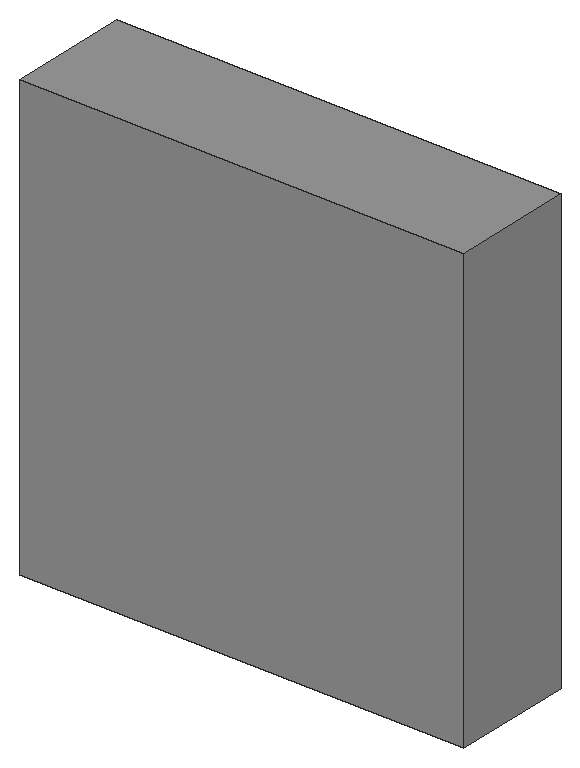
Revit family "KG_Uhr_V1700", category Kommunikationsgeräte, Revit 2017
Family settings
  Beschriftungsausrichtung beibehalten = Nein
  Bemaßung runder Anschluss = Durchmesser verwenden
  Teiletyp = Normal
  OmniClass-Nummer = 23.85.10.00
  OmniClass-Titel = General Information Systems
  Arbeitsebenenbasiert = Nein
  Immer vertikal = Ja
  Beim Laden mit Abzugskörper schneiden = Ja
  Gemeinsam genutzt = Nein
  Raumberechnungspunkt = Nein
Parameters (values of type "Zeiterfassung")
  pbr_Material_KZ = ""
  pbr_Material = none
  pbr_E_Typ = ""
  pbr_E_KZ = ""
  pbr_DINBild = 0
  pbr_Bild = 0
  pbr_3Dx_Delta_Korrekturversatz [instance] = 0 mm
  pbr_3DX_Versatzfaktor [instance] = 0
  pbr_2DY_Versatzfaktor [instance] = 0
  pbr_2DX_Versatzfaktor [instance] = 0
  lfd_STRK [instance] = 0
  cpiFitMatchKey [instance] = "E-ZK VS A"
  Zentrale [instance] = ""
  Zeiterfassung = yes
  Uhr-Zeiterfassungs-Zentrale = no
  Uhr 2-seitig = no
  Uhr = no
  Typ [instance] = ""
  Tiefe = 37 mm
  Text3 [instance] = ""
  Text2 [instance] = ""
  Text1 [instance] = ""
  Planungsbüro Rohling = "www.pbr.de"
  Netzart = ""
  Menge(Dosenzahl) [instance] = 0
  Länge = 135 mm
  Linie/Anschluss [instance] = ""
  Linie [instance] = ""
  Lastklassifizierung = none
  Installationsart [instance] = ""
  Info [instance] = ""
  Hauptuhr = no
  Gewerk [instance] = "Uhr"
  Eckversatz [instance] = 0 mm
  YFrontversatz [instance] = if(pbr_2DY_Versatzfaktor = 300, 0 mm, pbr_2DY_Versatzfaktor * 300 mm)  # 0 mm
  XSeitenversatz [instance] = if(pbr_2DX_Versatzfaktor = 0, 3000 mm, 3000 mm + (pbr_2DX_Versatzfaktor * 300 mm)) + Eckversatz  # 3000 mm
  X3Dversatz [instance] = if([3DX_Versatzkontrolle] = 0, 2000 mm, 2000 mm + ([3DX_Versatzkontrolle] * (300 mm - Breite))) + pbr_3Dx_Delta_Korrekturversatz  # 2000 mm
  Niveau [instance] = 1200 mm
  DCF Zeit-Empfang = no
  Bus [instance] = ""
  Breite = 135 mm
  Betriebsstrom ruhe [instance] = 0
  Betriebsstrom max [instance] = 0
  3DX_Versatzkontrolle [instance] = if(pbr_3DX_Versatzfaktor = 0, (pbr_2DX_Versatzfaktor * -1), (((-1 * pbr_3DX_Versatzfaktor) + pbr_2DX_Versatzfaktor) * -1))  # 0
  3DX_Versatz [instance] = 0 mm
Types (6, lengths in mm): name | Zeiterfassung | Uhr-Zeiterfassungs-Zentrale | Uhr 2-seitig | Uhr | Hauptuhr | DCF Zeit-Empfang
  DCF_ZeitEmpfang | no | no | no | no | no | yes
  Hauptuhr | no | no | no | no | yes | no
  Uhr | no | no | no | yes | no | no
  Uhr_2seitig | no | no | yes | no | no | no
  Uhr_Zentrale | no | yes | no | no | no | no
  Zeiterfassung | yes | no | no | no | no | no
Reference planes
  plane 1 "Mitte (Vorne/Hinten)": y = 0
  plane 2: z = 0
  plane 3 "Mitte (Links/Rechts)": x = 22.5
  plane 4: x = -127.5
  plane 5: x = 172.5
  plane 6: y = 300
  plane 7 "Schalterhinten": y = 0
  plane 8: x = -2977.5
  plane 9: x = 22.5
  plane 10: x = -1977.5
  plane 11: x = -45
  plane 12: x = 90
  plane 13: z = 1267.5
  plane 14: z = 1132.5
  plane 15 "SchalterVorne": y = 37
  plane 16 "3DMitte": x = 22.5
  plane 17 "Achse": z = 1200
  plane 18: z = 1225
  plane 19: z = 1175
  plane 20 "2DMitte": y = 150
Forms (mm)
  Extrusion 1, solid, material "Stahl, weich, geschweißt"
    sketch origin (0, 20, 0) x (0, 0, 1) y (-1, 0, 0)
      loop
        line (1132.5, 45) -> (1132.5, -90) -> (1267.5, -90) -> (1267.5, 45) -> (1132.5, 45)
    from -17 to 20
Dimensions and locks
  locked: plane 6 to plane 7 "Schalterhinten" at 300
  "XSeitenversatz": plane 8 to plane 9
  plane 8 to plane 3 "Mitte (Links/Rechts)" = 3000 mm
  "YFrontversatz": plane 1 "Mitte (Vorne/Hinten)" to plane 7 "Schalterhinten"
  "Breite": plane 12 to plane 11
  "Länge": plane 13 to plane 14
  plane 9 to plane 10 = 2000 mm
  equal spacing: plane 12, plane 16 "3DMitte", plane 11
  "X3Dversatz": plane 16 "3DMitte" to plane 10
  equal spacing: plane 13, plane 17 "Achse", plane 14
  "Niveau": plane 17 "Achse" to level
  "Tiefe": plane 15 "SchalterVorne" to plane 1 "Mitte (Vorne/Hinten)"
  plane 13 to plane 18 = 42.5 mm
  plane 19 to plane 14 = 42.5 mm
  equal spacing: plane 4, plane 9, plane 5, locked at 150 each
  locked: plane 4 to plane 5 at 300
  equal spacing: plane 6, plane 20 "2DMitte", plane 7 "Schalterhinten", locked at 150 each
  aligned and locked: level to plane 2
  aligned and locked: Extrusion 1 sketch curve to plane 14
  aligned and locked: Extrusion 1 sketch curve to plane 11
  aligned and locked: Extrusion 1 sketch curve to plane 13
  aligned and locked: plane 12 to Extrusion 1 sketch curve
  aligned and locked: plane 1 "Mitte (Vorne/Hinten)" to Extrusion 1
  aligned and locked: Extrusion 1 to plane 15 "SchalterVorne"
  aligned and locked: nested 1 to plane 9
  aligned and locked: nested 1 to plane 7 "Schalterhinten"
  aligned and locked: nested 2 to plane 9
  aligned and locked: nested 2 to plane 7 "Schalterhinten"
  aligned and locked: nested 3 to plane 9
  aligned and locked: nested 3 to plane 7 "Schalterhinten"
  aligned and locked: nested 6 to plane 9
  aligned and locked: nested 6 to plane 7 "Schalterhinten"
  aligned and locked: nested 5 to plane 9
  aligned and locked: nested 5 to plane 7 "Schalterhinten"
  aligned and locked: nested 4 to plane 9
  aligned and locked: nested 4 to plane 7 "Schalterhinten"
Nested families
  nested 1: "Zeiterfassung" at (22.5, 0, 0), visible <- "Zeiterfassung", type "Zeiterfassung"
  nested 2: "Uhr-Zeiterfassungs-Zentrale" at (22.5, 0, 0), visible <- "Uhr-Zeiterfassungs-Zentrale", type "Uhr-Zeiterfassungs-Zentrale"
    with Winkel 90.00°
  nested 3: "Uhr 2-seitig" at (22.5, 0, 0), visible <- "Uhr 2-seitig", type "Uhr 2-seitig"
  nested 4: "Uhr" at (22.5, 0, 0), visible <- "Uhr", type "Uhr"
  nested 5: "Hauptuhr" at (22.5, 0, 0), visible <- "Hauptuhr", type "Hauptuhr"
  nested 6: "DCF Zeit-Empfang" at (22.5, 0, 0), visible <- "DCF Zeit-Empfang", type "DCF Zeit-Empfang"
Connectors
  electrical at (22.5, 0, 1200)
    settings: on Extrusion 1, index 1, voltage 0 V, apparent load 0 VA, apparent load phase1 0 VA, apparent load phase2 0 VA, apparent load phase3 0 VA, power factor 1, load classification "Sonstige", number of poles 1, system type 14, power factor state 1, is connector primary yes, connector utility no, sub classification motor no, connector description ""
Definition of nested family "Zeiterfassung"
  Reference planes
    plane 1 "Mitte (Vorne/Hinten)": y = 0
    plane 2: z = 0
    plane 3 "Mitte (Links/Rechts)": x = 0
  Lines and regions (mm)
    detail lines, in view "Referenzebene"
      curve 1: circle (0, 146.25, 0) r 112.5 normal (0, 0, 1)
      curve 2: line (-112.5, 326.25, 0) -> (112.5, 326.25, 0)
      curve 3: line (-56.25, 146.25, 0) -> (0, 146.25, 0)
      curve 4: line (0, 146.25, 0) -> (0, 225, 0)
      curve 5: line (157.5, 405, 0) -> (157.5, 0, 0)
      curve 6: line (157.5, 0, 0) -> (-157.5, 0, 0)
      curve 7: line (-157.5, 0, 0) -> (-157.5, 405, 0)
      curve 8: line (-157.5, 405, 0) -> (157.5, 405, 0)
Definition of nested family "Uhr-Zeiterfassungs-Zentrale"
  Parameters (values of type "Uhr-Zeiterfassungs-Zentrale")
    Winkel [instance] = 90.00°
  Reference planes
    plane 1 "Mitte (Vorne/Hinten)": y = 0
    plane 2: z = 0
    plane 3 "Mitte (Links/Rechts)": x = 0
  Lines and regions (mm)
    detail lines, in view "Referenzebene"
      curve 1: line (-316.093, 330, 0) -> (317.052, 330, 0)
      curve 2: line (317.052, 330, 0) -> (317.052, 0, 0)
      curve 3: line (317.052, 0, 0) -> (-316.093, 0, 0)
      curve 4: line (-316.093, 0, 0) -> (-316.093, 330, 0)
  Dimensions and locks
    "Winkel": angle nested 1 to plane 3 "Mitte (Links/Rechts)"
  Automatic sketch dimensions
    plane 1 "Mitte (Vorne/Hinten)" to curve 4 = 0 mm
    curve 4 to plane 3 "Mitte (Links/Rechts)" = 316.093 mm
    plane 3 "Mitte (Links/Rechts)" to curve 3 = 317.052 mm
    curve 2 to plane 1 "Mitte (Vorne/Hinten)" = 330 mm
  Nested families
    nested 1: "text_Uhr-Zeiterfassungs-Zentrale" at (0, 180, 0), type "text_Uhr-Zeiterfassungs-Zentrale", in view "Referenzebene"
  Definition of nested family "text_Uhr-Zeiterfassungs-Zentrale"
    Parameters (values of type "text_Uhr-Zeiterfassungs-Zentrale")
      Z = yes
      V = yes
      U = yes
      R = yes
      H = yes
      3 = yes
      2 = yes
      0 = yes
    Reference planes
      plane 1 "Mitte (Vorne/Hinten)": y = 0
      plane 2: z = 0
      plane 3 "Mitte (Links/Rechts)": x = 0
    Lines and regions (mm)
      Filled region 1, type "Beton", in view "Referenzebene", visible <- "2"
        outline origin (-551.031, -520.664, 0) x (1, 0, 0) y (0, 1, 0)
          loop
            spline (-500.362, 583.415) -> (-481.712, 604.072) -> (-460.099, 622.632) -> (-441.086, 639.954) -> (-425.343, 657.402) -> (-415.024, 679.181) -> (-415.138, 704.012) -> (-425.744, 723.592) -> (-447.476, 737.58) -> (-471.784, 740.518) -> (-496.145, 735.641) -> (-514.702, 721.556) -> (-526.458, 689.354)
            line (-526.458, 689.354) -> (-504.14, 687.008)
            spline (-504.14, 687.008) -> (-497.78, 709.421) -> (-480.064, 721.313) -> (-457.427, 720.902) -> (-440.406, 707.709) -> (-436.507, 686.39) -> (-445.81, 666.112) -> (-459.923, 650.368) -> (-477.696, 634.346) -> (-496.478, 618.446) -> (-510.529, 604.706) -> (-524.241, 585.936) -> (-530.658, 562.463)
            line (-530.658, 562.463) -> (-413.386, 562.463) -> (-413.386, 583.415) -> (-500.362, 583.415)
      Filled region 2, type "Beton", in view "Referenzebene", visible <- "3"
        outline origin (-573.264, -517.027, 0) x (1, 0, 0) y (0, 1, 0)
          loop
            line (-367.034, 690.667) -> (-366.376, 694.302)
            spline (-366.376, 694.302) -> (-359.513, 710.921) -> (-351.166, 718.436) -> (-340.289, 722.318) -> (-328.597, 722.189) -> (-317.801, 717.981) -> (-309.306, 708.911) -> (-306.257, 699.111) -> (-306.905, 686.508) -> (-312.118, 676.792) -> (-322.311, 669.638) -> (-332.529, 666.267) -> (-345.65, 665.525)
            line (-345.65, 665.525) -> (-347.991, 646.462)
            spline (-347.991, 646.462) -> (-330.743, 648.788) -> (-315.333, 644.833) -> (-304.507, 635.746) -> (-298.919, 622.954) -> (-298.272, 607.811) -> (-303.39, 594.42) -> (-312.521, 584.282) -> (-326.252, 578.116) -> (-341.249, 578.087) -> (-353.524, 583.157) -> (-362.767, 593.679) -> (-369.237, 612.215)
            line (-369.237, 612.215) -> (-390.886, 609.172)
            spline (-390.886, 609.172) -> (-382.794, 584.335) -> (-366.983, 568.205) -> (-353.592, 562.011) -> (-335.066, 559.298) -> (-317.428, 561.266) -> (-301.412, 568.044) -> (-286.116, 581.614) -> (-277.776, 596.748) -> (-274.826, 615.281) -> (-277.629, 632.588) -> (-288.138, 648.515) -> (-305.499, 657.924)
            line (-305.499, 657.924) -> (-307.998, 658.547)
            spline (-307.998, 658.547) -> (-293.295, 668.849) -> (-285.131, 683.103) -> (-283.76, 699.532) -> (-288.056, 713.858) -> (-298.315, 727.386) -> (-311.481, 735.63) -> (-327.33, 740.028) -> (-343.273, 740.071) -> (-358.768, 735.863) -> (-372.449, 726.929) -> (-381.996, 714.371) -> (-388.826, 694.612)
            line (-388.826, 694.612) -> (-367.034, 690.667)
      Filled region 3, type "Beton", in view "Referenzebene", visible <- "0"
        outline origin (-1405.59, -518.186, 0) x (1, 0, 0) y (0, 1, 0)
          loop
            spline (624.498, 576.41) -> (636.145, 578.966) -> (646.998, 586.458) -> (656.318, 598.377) -> (663.469, 613.91) -> (667.965, 631.999) -> (669.498, 651.41) -> (667.965, 670.821) -> (663.469, 688.91) -> (656.318, 704.443) -> (646.998, 716.362) -> (636.145, 723.854) -> (624.498, 726.41)
            spline (624.498, 726.41) -> (612.851, 723.854) -> (601.998, 716.362) -> (592.678, 704.443) -> (585.527, 688.91) -> (581.031, 670.821) -> (579.498, 651.41) -> (581.031, 631.999) -> (585.527, 613.91) -> (592.678, 598.377) -> (601.998, 586.458) -> (612.851, 578.966) -> (624.498, 576.41)
          loop
            spline (625.006, 557.463) -> (641.829, 560.7) -> (657.506, 570.19) -> (670.968, 585.288) -> (681.298, 604.963) -> (687.791, 627.875) -> (690.006, 652.463) -> (687.791, 677.051) -> (681.298, 699.963) -> (670.968, 719.638) -> (657.506, 734.735) -> (641.829, 744.226) -> (625.006, 747.463)
            spline (625.006, 747.463) -> (608.183, 744.226) -> (592.506, 734.735) -> (579.044, 719.638) -> (568.715, 699.963) -> (562.221, 677.051) -> (560.006, 652.463) -> (562.221, 627.875) -> (568.715, 604.963) -> (579.044, 585.288) -> (592.506, 570.19) -> (608.183, 560.7) -> (625.006, 557.463)
      Filled region 4, type "Beton", in view "Referenzebene", visible <- "V"
        outline origin (-2031.819, -900.828, 0) x (1, 0, 0) y (0, 1, 0)
          loop
            line (1430.799, 942.626) -> (1500.404, 1120.011) -> (1476.547, 1120.011) -> (1419.022, 961.964) -> (1363.416, 1120.011) -> (1338.053, 1120.011) -> (1406.767, 942.626) -> (1430.799, 942.626)
      Filled region 5, type "Beton", in view "Referenzebene", visible <- "U"
        outline origin (-1483.634, -1030.828, 0) x (1, 0, 0) y (0, 1, 0)
          loop
            line (1179.524, 1120.011) -> (1179.524, 1016.684)
            spline (1179.524, 1016.684) -> (1182.792, 984.794) -> (1188.559, 969.234) -> (1199.89, 954.367) -> (1214.903, 945.263) -> (1231.943, 940.958) -> (1250.602, 939.784) -> (1270.485, 941.53) -> (1286.06, 946.729) -> (1301.426, 957.298) -> (1311.742, 971.784) -> (1317.109, 989.827) -> (1319.524, 1016.684)
            line (1319.524, 1016.684) -> (1319.524, 1120.011) -> (1295.777, 1120.011) -> (1295.777, 1021.614)
            spline (1295.777, 1021.614) -> (1294.6, 995.39) -> (1291.063, 982.492) -> (1284.93, 972.27) -> (1276.165, 965.867) -> (1264.189, 961.756) -> (1251.579, 960.13) -> (1240.678, 960.727) -> (1228.588, 963.52) -> (1218.195, 968.957) -> (1209.748, 978.099) -> (1205.304, 988.661) -> (1202.987, 1003.521)
            line (1202.987, 1003.521) -> (1202.987, 1120.011) -> (1179.524, 1120.011)
      Filled region 6, type "Beton", in view "Referenzebene", visible <- "H"
        outline origin (751.166, -1030.828, 0) x (1, 0, 0) y (0, 1, 0)
          loop
            line (-898.917, 942.626) -> (-875.554, 942.626) -> (-875.554, 1026.379) -> (-783.241, 1026.379) -> (-783.241, 942.626) -> (-759.837, 942.626) -> (-759.837, 1120.011) -> (-783.294, 1120.011) -> (-783.294, 1047.239) -> (-875.554, 1047.239) -> (-875.554, 1120.011) -> (-898.917, 1120.011) -> (-898.917, 942.626)
      Filled region 7, type "Beton", in view "Referenzebene", visible <- "R"
        outline origin (-678.247, -1030.828, 0) x (1, 0, 0) y (0, 1, 0)
          loop
            line (713.794, 1100.728) -> (713.794, 1041.738) -> (778.794, 1041.738)
            arc (778.794, 1041.738) -> (808.289, 1071.233) -> (778.794, 1100.728) r 29.495
            line (778.794, 1100.728) -> (713.794, 1100.728)
          loop
            line (690.435, 1120.011) -> (690.435, 942.626) -> (713.812, 942.626) -> (713.812, 1021.355) -> (743.347, 1021.355)
            spline (743.347, 1021.355) -> (751.614, 1020.86) -> (756.113, 1019.813) -> (759.33, 1018.707) -> (762.096, 1017.398) -> (764.706, 1015.734) -> (767.134, 1013.913) -> (769.382, 1012.01) -> (771.552, 1009.882) -> (773.807, 1007.385) -> (776.374, 1004.38) -> (779.743, 1000.215) -> (784.766, 993.509)
            line (784.766, 993.509) -> (816.561, 942.626) -> (846.561, 942.626) -> (821.191, 983.227)
            spline (821.191, 983.227) -> (816.586, 989.79) -> (812.548, 995.47) -> (808.977, 1000.333) -> (805.775, 1004.443) -> (802.869, 1007.863) -> (800.322, 1010.622) -> (798.247, 1012.742) -> (796.706, 1014.271) -> (795.338, 1015.488) -> (793.55, 1016.814) -> (790.594, 1018.833) -> (782.879, 1023.344)
            arc (782.879, 1023.344) -> (831.213, 1071.678) -> (782.879, 1120.011) r 48.334
            line (782.879, 1120.011) -> (690.435, 1120.011)
      Filled region 8, type "Beton", in view "Referenzebene", visible <- "Z"
        outline origin (-1892.975, -1030.521, 0) x (1, 0, 0) y (0, 1, 0)
          loop
            line (2077.719, 1122.32) -> (2077.719, 1099.19) -> (2173.479, 1099.19) -> (2069.521, 970.813) -> (2069.521, 942.626) -> (2197.682, 942.626) -> (2197.682, 963.19) -> (2090.349, 963.19) -> (2193.532, 1090.609) -> (2193.532, 1122.32) -> (2077.719, 1122.32)
      detail lines, in view "Referenzebene"
        curve 1: line (-514.504, 111.798, 0) -> (-327.657, 111.798, 0)
Definition of nested family "Uhr 2-seitig"
  Parameters (values of type "Uhr 2-seitig")
    2 = yes
  Reference planes
    plane 1 "Mitte (Vorne/Hinten)": y = 0
    plane 2: z = 0
    plane 3 "Mitte (Links/Rechts)": x = 0
  Lines and regions (mm)
    Filled region 1, type "Beton", in view "Referenzebene", visible <- "2"
      outline origin (401.474, -456.982, 0) x (1, 0, 0) y (0, 1, 0)
        loop
          spline (-500.362, 583.415) -> (-481.712, 604.072) -> (-460.099, 622.632) -> (-441.086, 639.954) -> (-425.343, 657.402) -> (-415.024, 679.181) -> (-415.138, 704.012) -> (-425.744, 723.592) -> (-447.476, 737.58) -> (-471.784, 740.518) -> (-496.145, 735.641) -> (-514.702, 721.556) -> (-526.458, 689.354)
          line (-526.458, 689.354) -> (-504.14, 687.008)
          spline (-504.14, 687.008) -> (-497.78, 709.421) -> (-480.064, 721.313) -> (-457.427, 720.902) -> (-440.406, 707.709) -> (-436.507, 686.39) -> (-445.81, 666.112) -> (-459.923, 650.368) -> (-477.696, 634.346) -> (-496.478, 618.446) -> (-510.529, 604.706) -> (-524.241, 585.936) -> (-530.658, 562.463)
          line (-530.658, 562.463) -> (-413.386, 562.463) -> (-413.386, 583.415) -> (-500.362, 583.415)
    detail lines, in view "Referenzebene"
      curve 1: circle (8.089, 217.277, 0) r 178.75 normal (0, 0, 1)
      curve 2: circle (8.089, 217.277, 0) r 217.277 normal (0, 0, 1)
      curve 3: line (89.76, 215.48, 0) -> (8.089, 215.48, 0)
      curve 4: line (8.089, 215.48, 0) -> (8.089, 351.598, 0)
Definition of nested family "Uhr"
  Reference planes
    plane 1 "Mitte (Vorne/Hinten)": y = 0
    plane 2: z = 0
    plane 3 "Mitte (Links/Rechts)": x = 0
  Lines and regions (mm)
    detail lines, in view "Referenzebene"
      curve 1: circle (1.308, 177.846, 0) r 178.75 normal (0, 0, 1)
      curve 2: line (1.308, 287.846, 0) -> (1.308, 177.846, 0)
      curve 3: line (1.308, 177.846, 0) -> (-81.192, 177.846, 0)
Definition of nested family "Hauptuhr"
  Reference planes
    plane 1 "Mitte (Vorne/Hinten)": y = 0
    plane 2: z = 0
    plane 3 "Mitte (Links/Rechts)": x = 0
  Lines and regions (mm)
    detail lines, in view "Referenzebene"
      curve 1: circle (19.54, 217.277, 0) r 178.75 normal (0, 0, 1)
      curve 2: line (19.54, 327.277, 0) -> (19.54, 217.277, 0)
      curve 3: line (19.54, 217.277, 0) -> (-62.96, 217.277, 0)
      curve 4: line (19.54, 434.554, 0) -> (236.817, 434.554, 0)
      curve 5: line (236.817, 434.554, 0) -> (236.817, 0, 0)
      curve 6: line (236.817, 0, 0) -> (-212.477, 0, 0)
      curve 7: line (-212.477, 0, 0) -> (-212.477, 434.554, 0)
      curve 8: line (-212.477, 434.554, 0) -> (19.54, 434.554, 0)
Definition of nested family "DCF Zeit-Empfang"
  Reference planes
    plane 1 "Mitte (Vorne/Hinten)": y = 0
    plane 2: z = 0
    plane 3 "Mitte (Links/Rechts)": x = 0
  Lines and regions (mm)
    detail lines, in view "Referenzebene"
      curve 1: line (375.051, 0, 0) -> (-387.21, 0, 0)
      curve 2: line (-333.987, -112.5, 0) -> (-83.987, 0, 0)
      curve 3: line (-83.987, 0, 0) -> (-333.987, 112.5, 0)
      curve 4: line (41.013, -112.5, 0) -> (291.013, 0, 0)
      curve 5: line (291.013, 0, 0) -> (41.013, 112.5, 0)
